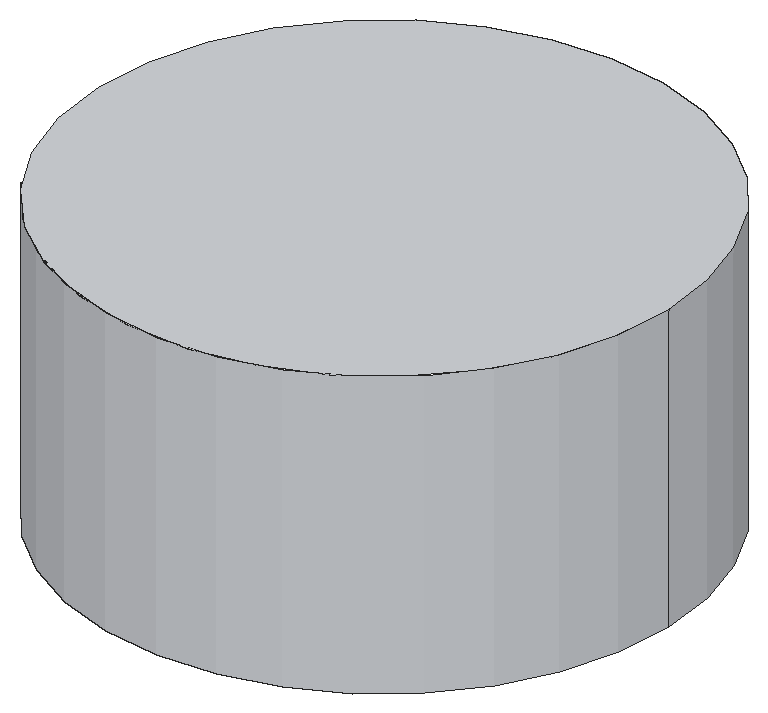
Revit family "ASF-24-C12", category Mechanical Equipment, Revit 2023
Family settings
  Round Connector Dimension = Use Diameter
  Classification = None
  Part Type = Normal
  OmniClass Number = 23.75.00.00
  OmniClass Title = Climate Control (HVAC)
  Work Plane-Based = No
  Always vertical = Yes
  Cut with Voids When Loaded = No
  Maintain Annotation Orientation = No
  Shared = No
  Room Calculation Point = No
Parameters (values of type "Standard")
  Volume = 0.190495 CF
  Title = "Aura Solar Fan - 24\" Diameter, 8\" Collar Height"
  Subject = "ASF-24-C8"
  Requested Accuracy = "Low"
  Part Number = "ASF-24-C12"
  Mass = 23.3934 lbm
  Designer = "CAD Machine"
  Design State = 1
  Density = 122.803 lb/ft³
  Default Elevation = 0' - 0"
  Creation Date = "12/12/2022"
  Connector_1_Diameter = 1' - 11 3/4"
  Company = "Active Ventilation Products"
  Center of Gravity = "X: -0.031 in Y: -7.593 in Z: 0.025 in"
  Author = "Kyle"
  Area = 110.236 SF
Reference planes (in)
  plane 1 "Center (Front/Back)": y = 0
  plane 2: z = 0
  plane 3 "Center (Left/Right)": x = 0
Forms (in)
  Extrusion 1, solid
    sketch origin (0, 0, -23.13477) x (1, 0, 0) y (0, 1, 0)
      loop
        circle (0, 0) r 0.12
    from 0 to -0.12
Dimensions and locks (in)
  aligned and locked: plane 2 to level
Connectors (in)
  hvac at (0, 0, -23.13477), driven by "Connector_1_Diameter"
    settings: on Extrusion 1, index 1, duct flow 0 CFM, flow factor 0, pres drop 0.00 in-wg, loss coef 0, conn angle 0.00°, conn width 12", conn height 12", conn diameter 23 3/4", duct sys type 3, conn prof type 0, flow config 1, flow direction 1, loss method 0, conn ref index -1, conn util no, is conn primary yes, conn desc ""
